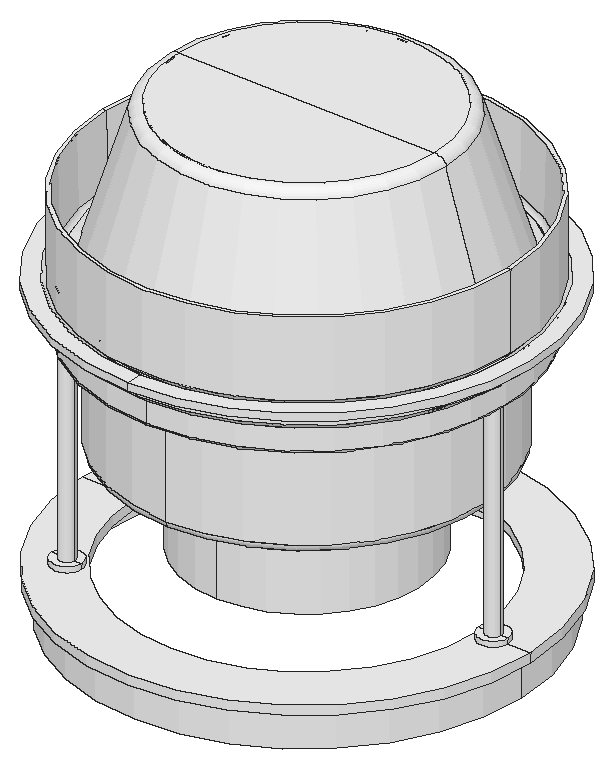
Revit family "R1220-R", category Plumbing Fixtures, host Face, Revit 2018
Family settings
  Host = Face
  Round Connector Dimension = Use Radius
  Part Type = Normal
  Cut with Voids When Loaded = No
  Shared = No
  Room Calculation Point = No
Parameters (values of type "6" Drain Pipe Size")
  WFU = 0
  URL = "WWW.MIFAB.COM"
  Strainer Diameter = 0' - 6 15/16"
  Pipe Radius = Pipe Diameter / 2  # 0' - 3"
  Pipe Diameter = 0' - 6"
  Model = "R1220-R"
  Manufacturer = "MIFAB"
  Floor Drain Material = Paint - Sherwin Williams Paint - #952C2A - Bellwood Red
  Domestic Cold Water Radius = 0' - 0 1/4"
  Domestic Cold Water Diameter = Domestic Cold Water Radius * 2  # 0' - 0 1/2"
  Description = "MEDIUM SUMP ROOF DRAIN WITH INTEGRAL 2” WATER DAM"
  Default Elevation = 0' - 0"
  CWFU = 0
  Body Height = 0' - 4 1/4"
  Assembly Code = ""
  Adjustment Height = 0' - 7"
Types (5): name | Pipe Radius | Pipe Diameter
  (no name) | 0' - 3" | 0' - 6"
  6" Drain Pipe Size | 0' - 3" | 0' - 6"
  4" Drain Pipe Size | 0' - 2" | 0' - 4"
  3" Drain Pipe Size | 0' - 1 1/2" | 0' - 3"
  2" Drain Pipe Size | 0' - 1" | 0' - 2"
Reference planes (in)
  plane 1 "Center (Front/Back)": y = 0
  plane 2: z = 0
  plane 3 "Center (Left/Right)": x = 0
  plane 4: z = -7.25
  plane 5: z = -3
  plane 6: z = -2.375
  plane 7: y = -3
  plane 8: y = 3
  plane 9: x = -2.5
  plane 10: x = 2.5
  plane 11: z = -2.5
  plane 12: z = 7.5
  plane 13: z = -3
  plane 14: z = -6.5
  plane 15: x = 6
  plane 16: x = -6
  plane 17: y = 6
  plane 18: y = -6
  plane 19: z = 4.08137
  plane 20: z = -7
  plane 21: z = -0.09596
Forms (in)
  Revolve 1, solid, material "Paint - Sherwin Williams Paint - #952C2A - Bellwood Red" <- "Floor Drain Material"
    sketch origin (0, 0.04396, -2.375) x (0, 1, 0) y (0, 0, 1)
      loop
        line (-5.62208, 2.375) -> (-6.04396, 2.375) -> (-6.04396, 2.17578) -> (-5.74853, 2.17578) -> (-5.74853, 1.92842) -> (-5.40694, 1.66517) -> (-5.40694, 1.11019)
        arc (-5.40694, 1.11019) -> (-5.39198, 1.07408) -> (-5.35587, 1.05913) r 0.05107
        line (-5.35587, 1.05913) -> (-4.74443, 1.05913) -> (-4.74443, -1.52529)
        arc (-4.74443, -1.52529) -> (-4.70621, -1.64514) -> (-4.60565, -1.72073) r 0.207
        line (-4.60565, -1.72073) -> (-3.04396, -2.61488) -> (-3.04396, -4.125) -> (-2.84474, -4.125) -> (-2.84474, -2.49753) -> (-4.54521, -1.55494) -> (-4.54521, 2.08137) -> (-5.24107, 2.08137) -> (-5.62208, 2.375)
      axis (-0.04396, 2.375) -> (-0.04396, -4.125)
    angle from 0 to 360
  Revolve 2, solid, material "Paint - Sherwin Williams Paint - #952C2A - Bellwood Red" <- "Floor Drain Material"
    sketch origin (0, 0, 7.5) x (1, 0, 0) y (0, 0, 1)
      loop
        line (5.11854, -7.49805) -> (5.11854, -7.29288) -> (4.8565, -7.19671) -> (3.73658, -3.64208)
        arc (3.73658, -3.64208) -> (3.62082, -3.48048) -> (3.4319, -3.41863) r 0.31945
        line (3.4319, -3.41863) -> (0, -3.41863) -> (0, -3.55144) -> (3.46797, -3.55144)
        arc (3.46797, -3.55144) -> (3.54938, -3.57812) -> (3.59918, -3.64782) r 0.13751
        line (3.59918, -3.64782) -> (4.80592, -7.49805) -> (5.11854, -7.49805)
      axis (0, -7.49805) -> (0, -3.41863)
    angle from 0 to 360
  Revolve 3, solid, material "Paint - Sherwin Williams Paint - #952C2A - Bellwood Red" <- "Floor Drain Material"
    sketch origin (0, 0, -6.75) x (1, 0, 0) y (0, 0, 1)
      loop
        line (6, -0.25) -> (4.56527, -0.25) -> (4.56527, -0.5) -> (5.5, -0.5) -> (5.5, -1.43239) -> (5.75, -1.43239) -> (5.75, -0.5) -> (6, -0.5) -> (6, -0.25)
      axis (0, -1.43239) -> (0, -0.25)
    angle from 0 to 360
  Revolve 4, solid, material "Paint - Sherwin Williams Paint - #952C2A - Bellwood Red" <- "Floor Drain Material"
    sketch origin (0, 0, 0) x (1, 0, 0) y (0, 0, 1)
      loop
        line (5.47077, 0) -> (5.47077, 2) -> (5.37311, 2) -> (5.32983, 0.22515)
        arc (5.32983, 0.22515) -> (5.30517, 0.12283) -> (5.2406, 0.03973) r 0.25
        line (5.2406, 0.03973) -> (5.03574, -0.13217) -> (5.1504, -0.26882) -> (5.47077, 0)
      axis (0, -0.26882) -> (0, 2)
    angle from 0 to 360
Lines and regions (in)
  model lines, not visible
    curve 1: line (6.7156, 0, 9.07611) -> (12.5156, 0, 9.07611)
    curve 2: line (12.5156, 0, 9.07611) -> (12.5156, 0, 10.82611)
    curve 3: line (12.5156, 0, 10.82611) -> (6.7156, 0, 10.82611)
    curve 4: line (6.7156, 0, 10.82611) -> (6.7156, 0, 9.07611)
    curve 5: line (7.13163, 0, 10.86539) -> (7.13163, 0, 12.86539)
    curve 6: line (7.13163, 0, 12.86539) -> (15.53163, 0, 12.86539)
    curve 7: line (15.53163, 0, 12.86539) -> (15.53163, 0, 10.86539)
    curve 8: line (11.33163, 0, 12.86539) -> (11.33163, 0, 12.36539)
Dimensions and locks (in)
  "Body Height": plane 5 to plane 4
  equal spacing: plane 8, plane 1 "Center (Front/Back)", plane 7
  "Pipe Diameter": plane 8 to plane 7
  "Pipe Radius": plane 1 "Center (Front/Back)" to plane 7
  locked: plane 19 to Revolve 1 at 4.375
  plane 12 to level = 0' - 7 1/2"
  locked: level to plane 14 at 6.5
  equal spacing: plane 16, plane 3 "Center (Left/Right)", plane 15
  locked: plane 16 to plane 15 at 12
  equal spacing: plane 18, plane 1 "Center (Front/Back)", plane 17
  locked: plane 18 to plane 17 at 12
  "Adjustment Height": level to plane 20
  locked: plane 20 to Revolve 3 sketch curve at 1.18239
  locked: plane 2 to plane 21 at 0.09596
  Revolve 4 sketch curve to plane 2 = 0' - 2"
  plane 16 to plane 15 = 1' - 0"
  aligned and locked: plane 2 to host face
  aligned and locked: level to host face
  aligned and locked: Revolve 1 sketch curve to plane 14
  aligned and locked: Revolve 1 sketch curve to plane 2
  aligned and locked: Revolve 1 sketch curve to plane 18
  aligned and locked: Revolve 2 sketch curve to plane 19
  aligned and locked: nested 1 to Revolve 1
  aligned and locked: nested 2 to Revolve 1
  aligned and locked: nested 3 to Revolve 1
Automatic sketch dimensions
  curve 5 to curve 7 = 0' - 8.4"
  curve 5 to curve 8 = 0' - 4.2"
  curve 5 to curve 5 = 0' - 2"
  curve 7 to curve 6 = 0' - 2"
  curve 8 to curve 8 = 0' - 0 1/2"
  host sketch curve to host sketch curve = 8' - 0"  (x2)
  Revolve 1 sketch curve to plane 7 = 0' - 0"
  Revolve 1 sketch curve to plane 1 "Center (Front/Back)" = 0' - 0"
  Revolve 1 sketch curve to plane 4 = 0' - 0"
  Revolve 1 sketch curve to plane 18 = 0' - 0.29543"
  Revolve 1 sketch curve to Revolve 1 sketch curve = 0' - 0.12644"
  Revolve 1 sketch curve to plane 18 = 0' - 0.63702"
  Revolve 1 sketch curve to Revolve 1 sketch curve = 0' - 0.05107"
  Revolve 1 sketch curve to level = 0' - 0.29363"
  Revolve 1 sketch curve to Revolve 1 sketch curve = 0' - 0.16587"
  Revolve 1 sketch curve to Revolve 1 sketch curve = 0' - 0.61144"
  Revolve 1 sketch curve to Revolve 1 sketch curve = 0' - 0.13879"
  Revolve 1 sketch curve to Revolve 1 sketch curve = 0' - 0.69585"
  Revolve 1 sketch curve to Revolve 1 sketch curve = 0' - 0.00778"
  Revolve 1 sketch curve to plane 7 = 0' - 0 51/256"
  Revolve 1 sketch curve to Revolve 1 sketch curve = 0' - 1.51012"
  Revolve 1 sketch curve to Revolve 1 sketch curve = 0' - 0.11735"
  Revolve 1 sketch curve to plane 5 = 0' - 1.09573"
  Revolve 1 sketch curve to Revolve 1 sketch curve = 0' - 0.02965"
  Revolve 1 sketch curve to Revolve 1 sketch curve = 0' - 1.02225"
  Revolve 1 sketch curve to Revolve 1 sketch curve = 0' - 0.4162"
  Revolve 1 sketch curve to Revolve 1 sketch curve = 0' - 0.26324"
  Revolve 1 sketch curve to level = 0' - 0 51/256"
  Revolve 1 sketch curve to plane 5 = 0' - 0 1/4"
  Revolve 3 sketch curve to plane 3 "Center (Left/Right)" = 0' - 0"
  Revolve 3 sketch curve to plane 20 = 0' - 0"
  Revolve 3 sketch curve to plane 15 = 0' - 0"
  Revolve 3 sketch curve to plane 20 = 0' - 0 1/4"  (x2)
  Revolve 3 sketch curve to Revolve 3 sketch curve = 0' - 1.43473"
  Revolve 3 sketch curve to Revolve 3 sketch curve = 0' - 0 1/2"
  Revolve 3 sketch curve to Revolve 3 sketch curve = 0' - 0 1/4"
  level to Revolve 3 sketch curve = 0' - 1.80205"
  Revolve 3 sketch curve to plane 19 = 0' - 0.57295"
  Revolve 2 sketch curve to plane 3 "Center (Left/Right)" = 0' - 0"  (x2)
  Revolve 2 sketch curve to plane 19 = 0' - 0.31945"
  Revolve 2 sketch curve to plane 10 = 0' - 0.9319"
  Revolve 2 sketch curve to Revolve 2 sketch curve = 0' - 0.03607"
  Revolve 2 sketch curve to plane 19 = 0' - 0.22919"
  Revolve 2 sketch curve to Revolve 2 sketch curve = 0' - 0.13121"
  Revolve 2 sketch curve to plane 19 = 0' - 0.22345"
  level to Revolve 2 sketch curve = 0' - 0.00195"
  Revolve 2 sketch curve to plane 15 = 0' - 1.19408"
  level to Revolve 2 sketch curve = 0' - 0.30329"
  Revolve 2 sketch curve to Revolve 2 sketch curve = 0' - 0.05058"
  level to Revolve 2 sketch curve = 0' - 0.20712"
  Revolve 2 sketch curve to Revolve 2 sketch curve = 0' - 0.26204"
  Revolve 2 sketch curve to Revolve 2 sketch curve = 0' - 0.04913"
  plane 12 to Revolve 2 sketch curve = 0' - 8.55205"
  Revolve 2 sketch curve to Revolve 2 sketch curve = 0' - 2"
  Revolve 4 sketch curve to plane 3 "Center (Left/Right)" = 0' - 0"
  Revolve 4 sketch curve to level = 0' - 0"
  Revolve 4 sketch curve to plane 21 = 0' - 0.03621"
  Revolve 4 sketch curve to plane 15 = 0' - 0.96426"
  Revolve 4 sketch curve to Revolve 4 sketch curve = 0' - 0.04417"
  Revolve 4 sketch curve to plane 21 = 0' - 0.17286"
  Revolve 4 sketch curve to Revolve 4 sketch curve = 0' - 0.11466"
  level to Revolve 4 sketch curve = 0' - 0.03973"
  level to Revolve 4 sketch curve = 0' - 0.22515"
  Revolve 4 sketch curve to Revolve 4 sketch curve = 0' - 0.08923"
  Revolve 4 sketch curve to Revolve 4 sketch curve = 0' - 0 25/256"
  plane 12 to Revolve 4 sketch curve = 0' - 2.65404"
  Revolve 4 sketch curve to Revolve 4 sketch curve = 0' - 1 3/4"
Nested families (in)
  nested 1: "Bolt" at (4.99846, 0, -7), type "Bolt"
    with Height 0' - 6.29017"
  nested 2: "Bolt" at (-3.95005, -3.08325, -7), type "Bolt"
    with Height 0' - 6.29017"
  nested 3: "Bolt" at (-1.04582, 4.98366, -7), type "Bolt"
    with Height 0' - 6.29017"
Connectors (in)
  piping at (0, 0, -6.5), diameter 6, driven by "Pipe Radius", driven by "WFU"
    settings: on Revolve 1, index 2, connector inside diameter 2", connector length 0' - 0", flow factor 0, pipe flow 0 GPM, pressure drop 0.00 psi, fitting loss kfactor 0, connector angle 0.00°, fixture units 0, engagement length 0' - 0", angle of deflection 0.00°, flow configuration 3, flow direction 2, fitting loss method 0, system type 16, joint type 0, gender type 0, connector reference index -1, connector utility 0, adjustable connector no, is connector primary yes, connector description "Sanitary Out"
Definition of nested family "Bolt"
  Parameters (values of type "Bolt")
    Material = none
    Height [instance] = 2' - 9.85827"
    Default Elevation = 4' - 0"
  Reference planes (in)
    plane 1 "Center (Front/Back)": y = 0
    plane 2: z = 0
    plane 3 "Center (Left/Right)": x = 0
    plane 4: z = 33.85827
  Forms (in)
    Extrusion 1, solid
      sketch origin (0, 0, 0) x (1, 0, 0) y (0, 1, 0)
        loop
          line (-48, 48) -> (-48, -48) -> (48, -48) -> (48, 48) -> (-48, 48)
      from 0 to -12
    Revolve 2, solid, material <- "Material"
      sketch origin (0, 0, 0) x (1, 0, 0) y (0, 0, 1)
        loop
          line (0, 33.85827) -> (0, -0.98425) -> (0.19685, -0.98425) -> (0.19685, -0.384) -> (0.3937, -0.384) -> (0.3937, -0.25) -> (0.19685, -0.25) -> (0.19685, 0) -> (0.3937, 0) -> (0.3937, 0.134) -> (0.19685, 0.134) -> (0.19685, 33.85827) -> (0, 33.85827)
        axis (0, -0.98425) -> (0, 33.85827)
      angle from 0 to 360
  Dimensions and locks (in)
    "Height": plane 4 to plane 2
    aligned and locked: plane 2 to Extrusion 1
    aligned and locked: level to Extrusion 1
    aligned and locked: Revolve 2 sketch curve to plane 3 "Center (Left/Right)"
    aligned and locked: Revolve 2 sketch curve to plane 2
    aligned and locked: plane 4 to Revolve 2 sketch curve
  Automatic sketch dimensions
    Extrusion 1 sketch curve to Extrusion 1 sketch curve = 8' - 0"  (x2)
    Revolve 2 sketch curve to plane 3 "Center (Left/Right)" = 0' - 0"
    plane 3 "Center (Left/Right)" to Revolve 2 sketch curve = 0' - 0.19685"  (x2)
    Revolve 2 sketch curve to Revolve 2 sketch curve = 0' - 0"
    Revolve 2 sketch curve to Revolve 2 sketch curve = 0' - 0.19685"  (x2)
    Revolve 2 sketch curve to Revolve 2 sketch curve = 0' - 0 1/4"
    Revolve 2 sketch curve to Revolve 2 sketch curve = 0' - 0.134"
    Revolve 2 sketch curve to Revolve 2 sketch curve = 0' - 0.60025"
    level to Revolve 2 sketch curve = 0' - 0.134"
    Revolve 2 sketch curve to Revolve 2 sketch curve = 0' - 5.51181"  (x2)
